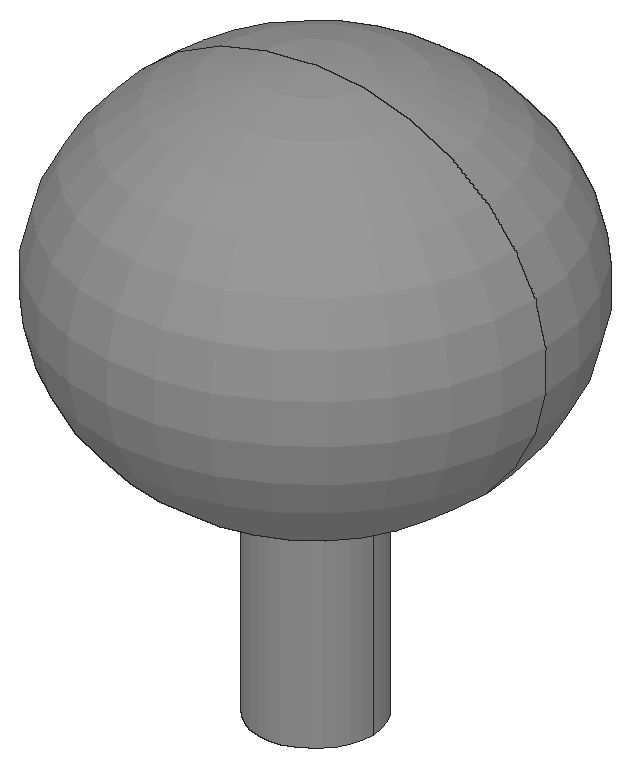
Revit family "Tree", category Planting, Revit 2020
Family settings
  Work Plane-Based = No
  Always vertical = Yes
  Cut with Voids When Loaded = No
  Render Appearance Source = Family Geometry
  Shared = No
Parameters
  Species Common Name [instance] = ""
  Species Chinese Name [instance] = ""
  Overall Height [instance] = 2500 mm
  Height = 0 mm
  Diameter at Breast Height [instance] = 500 mm
  Default Elevation = 0 mm
  Crown Spread Half [instance] = Crown Spread / 2  # 1000 mm
  Crown Spread [instance] = 2000 mm
Reference planes
  plane 1 "Center (Front/Back)": y = 0
  plane 2: z = 0
  plane 3 "Center (Left/Right)": x = 0
  plane 4: z = 2500
  plane 5: z = 1666.667
  plane 6: z = 833.333
  plane 7: x = -1000
  plane 8: x = 1000
Forms (mm)
  Extrusion 1, solid, material "Tree Trunk"
    sketch origin (0, 0, 0) x (1, 0, 0) y (0, 1, 0)
      loop
        circle (0, 0) r 250
    from 0 to 1666.667
  Revolve 2, solid, material "Tree Crown"
    sketch origin (0, 0, 0) x (1, 0, 0) y (0, 0, 1)
      loop
        line (0, 2500) -> (0, 833.333)
        spline (0, 833.333) -> (258.819, 861.728) -> (500, 944.979) -> (707.107, 1077.411) -> (866.025, 1250) -> (965.926, 1450.984) -> (1000, 1666.667) -> (965.926, 1882.349) -> (866.025, 2083.333) -> (707.107, 2255.922) -> (500, 2388.355) -> (258.819, 2471.605) -> (0, 2500)
      axis (0, 2500) -> (0, 833.333)
    angle from 0 to 360
  Revolve 3, void
    sketch origin (0, 0, 0) x (1, 0, 0) y (0, 0, 1)
      loop
        line (0, 2500) -> (0, 833.333)
        spline (0, 833.333) -> (258.819, 861.728) -> (500, 944.979) -> (707.107, 1077.411) -> (866.025, 1250) -> (965.926, 1450.984) -> (1000, 1666.667) -> (965.926, 1882.349) -> (866.025, 2083.333) -> (707.107, 2255.922) -> (500, 2388.355) -> (258.819, 2471.605) -> (0, 2500)
      axis (0, 2500) -> (0, 833.333)
    angle from 0 to 360
Cuts and joins
  Revolve 3 cuts Extrusion 1
Lines and regions (mm)
  symbolic lines
    curve 1: circle (0, 0, 0) r 1000 normal (0, 0, 1)
    curve 2: circle (0, 0, 0) r 250 normal (0, 0, 1)
Dimensions and locks
  "Overall Height": plane 4 to level
  equal spacing: plane 4, plane 5, plane 6, level
  equal spacing: plane 8, plane 3 "Center (Left/Right)", plane 7
  "Crown Spread": plane 8 to plane 7
  "Crown Spread Half": Revolve 2 sketch curve to plane 3 "Center (Left/Right)"
  "Crown Spread Half": Revolve 3 sketch curve to plane 3 "Center (Left/Right)"
  "Diameter at Breast Height": diameter of Extrusion 1 sketch curve
  "Crown Spread": diameter of curve 1
  "Diameter at Breast Height": diameter of curve 2
  aligned and locked: level to plane 2
  aligned and locked: plane 5 to Extrusion 1
  aligned and locked: Revolve 2 sketch curve to plane 3 "Center (Left/Right)"
Automatic sketch dimensions
  curve 1 to curve 2 = 0 mm  (x2)
  plane 1 "Center (Front/Back)" to curve 2 = 0 mm
  curve 2 to plane 3 "Center (Left/Right)" = 0 mm
  plane 1 "Center (Front/Back)" to Extrusion 1 sketch curve = 0 mm
  Extrusion 1 sketch curve to plane 3 "Center (Left/Right)" = 0 mm
  Revolve 2 sketch curve to plane 3 "Center (Left/Right)" = 0 mm
  Revolve 2 sketch curve to plane 6 = 0 mm
  Revolve 2 sketch curve to plane 5 = 0 mm
  Revolve 2 sketch curve to level = 366.045 mm
  plane 4 to Revolve 2 sketch curve = 256.809 mm
  Revolve 3 sketch curve to plane 3 "Center (Left/Right)" = 0 mm  (x2)
  Revolve 3 sketch curve to plane 6 = 0 mm
  Revolve 3 sketch curve to plane 5 = 0 mm
  Revolve 3 sketch curve to level = 366.045 mm
  Revolve 3 sketch curve to plane 4 = 285.685 mm
